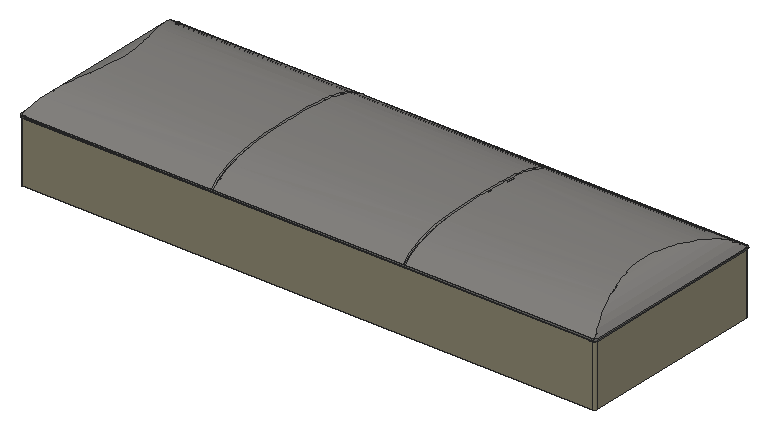
Revit family "Seating-Bench-Teknion-STLAH_Infinito-R2013", category Furniture, Revit 2014
Parameters (values of type "Three Seater")
  Width = 8' - 6"
  Welt Upholstery Finish [instance] = Fabric - Teknion - H513 - Heather Felt - Pinon Tree
  Warranty = "http://www.teknionstudio.com/pdfs/Teknion%20Studio%20Warranty.pdf"
  Unit Weight = 235.00 lbf
  URL = "http://www.teknionstudio.com"
  Two Seats Symbolic Lines = and(Width = 5' 7")  # no
  Three Seats Symbolic Lines = and(Width = 8' 6")  # yes
  Series = "Studio"
  Seat Upholstery Finish [instance] = Fabric - Teknion - H510 - Heather Felt - Noil
  Product Page URL = "http://teknionstudio.com/infinito/"
  Product Line = "Infinito"
  Product Documentation Link = "http://www.teknionstudio.com/pricing/STLAH_ppg.pdf"
  Part Number = "STLAH"
  Outer Upholstery Finish [instance] = Fabric - Teknion - H517 - Heather Felt - Mustard Seed
  Offset Two Seats = if(Width = 5' 7", 0' 5", 0' 10")  # 0' - 10"
  Offset Three Seats = if(Width = 8' 6", 0' 5", 0' 10")  # 0' - 5"
  Model = "STLAH3"
  Manufacturer Phone = "919-464-2920"
  Manufacturer Fax = "919-464-2927"
  Manufacturer Email = "customersupport@teknionstudio.com"
  Manufacturer Address = "3953 US 70 Business HWY West, Clayton, NC 27520"
  Manufacturer = "StudioTK"
  Low Emitting Material = yes
  Low Emitting Finish = yes
  Height = 1' - 4.84666"
  Description = "Infinito Bench, Three Seater"
  Depth = 2' - 10"
  Base Visibility = or(Width = 8' 6", and(Width = 5' 7"))  # yes
  Assembly Code = "E2020200"
Types (4): name | Width | Unit Weight | Two Seats Symbolic Lines | Three Seats Symbolic Lines | Offset Two Seats | Offset Three Seats | Model | Height | Description | Base Visibility
  (no name) | 8' - 6" | 235.00 lbf | no | yes | 0' - 10" | 0' - 5" | "STLAH3" | 1' - 4.84666" | "Infinito Bench, Three Seater" | yes
  Three Seater | 8' - 6" | 235.00 lbf | no | yes | 0' - 10" | 0' - 5" | "STLAH3" | 1' - 4.84666" | "Infinito Bench, Three Seater" | yes
  Two Seater | 5' - 7" | 160.00 lbf | yes | no | 0' - 5" | 0' - 10" | "STLAH2" | 1' - 1" | "Infinito Bench, Two Seater" | yes
  One Seater | 2' - 10" | 90.00 lbf | no | no | 0' - 10" | 0' - 10" | "STLAH1" | 1' - 1" | "Infinito Bench, One Seater" | no
Reference planes (in)
  plane 1 "Center F/B": y = 0
  plane 2 "Bottom": z = 0
  plane 3 "Center L/R": x = 0.64038
  plane 4 "Left": x = -50.35962
  plane 5 "Right": x = 51.64038
  plane 6 "Back": y = 17
  plane 7 "Front": y = -17
  plane 8 "Base": z = 2
  plane 9 "Masking Region": z = 16.89578
  plane 10 "Top of Base": z = 13
  plane 11 "Left Void": x = -16.35962
  plane 12 "Right Void": x = 17.64038
  plane 13: z = 18
  plane 14: z = 23
  plane 15: z = 16.84666
Forms (in)
  Sweep 1, solid, material "Paint - Teknion - Smoke"
    path origin (0, -17, 0) x (1, 0, 0) y (0, 0, 1)
      loop
        line (0.64038, 0) -> (0.64038, 2)
    profile origin (0.64038, -17, 1) x (-1, 0, 0) y (0, -1, 0)
      loop
        line (48.06, -31) -> (48.06, -3) -> (-48.06, -3) -> (-48.06, -31) -> (48.06, -31)
      loop
        line (47.31, -30.25) -> (47.31, -3.75) -> (-47.31, -3.75) -> (-47.31, -30.25) -> (47.31, -30.25)
  Sweep 2, void
    path origin (0, 0, 13.73542) x (-1, 0, 0) y (0, -1, 0)
      loop
        line (-0.64038, 17) -> (-0.64038, -17)
    profile origin (0.64038, 0, 13.73542) x (-1, 0, 0) y (0, 0, 1)
      loop
        line (52.5, -0.73515) -> (52.5, 4.26458) -> (-52.5, 4.26458) -> (-52.5, -0.73515) -> (-50.81383, -0.73515)
        arc (-50.81383, -0.73515) -> (-48.67122, 2.07395) -> (-45.30279, 3.13958) r 5.85654
        line (-45.30279, 3.13958) -> (45.30279, 3.13958)
        arc (45.30279, 3.13958) -> (48.67122, 2.07395) -> (50.81383, -0.73515) r 5.85654
        line (50.81383, -0.73515) -> (52.5, -0.73515)
  Sweep 3, solid, material "Fabric - Teknion - H517 - Heather Felt - Mustard Seed" <- "Outer Upholstery Finish"
    path origin (0, -17, 0) x (1, 0, 0) y (0, 0, 1)
      loop
        line (0.64038, 13) -> (0.64038, 2)
    profile origin (0.64038, -17, 7.5) x (0, -1, 0) y (1, 0, 0)
      loop
        arc (-34, -50.5) -> (-33.85355, -50.85355) -> (-33.5, -51) r 0.5
        line (-33.5, -51) -> (-0.5, -51)
        arc (-0.5, -51) -> (-0.14645, -50.85355) -> (0, -50.5) r 0.5
        line (0, -50.5) -> (0, 50.5)
        arc (0, 50.5) -> (-0.14645, 50.85355) -> (-0.5, 51) r 0.5
        line (-0.5, 51) -> (-33.5, 51)
        arc (-33.5, 51) -> (-33.85355, 50.85355) -> (-34, 50.5) r 0.5
        line (-34, 50.5) -> (-34, -50.5)
  Sweep 4, solid, material "Fabric - Teknion - H513 - Heather Felt - Pinon Tree" <- "Welt Upholstery Finish"
    path origin (0, 0, 13) x (-1, 0, 0) y (0, -1, 0)
      loop
        line (50.35962, -16.5) -> (50.35962, 16.5)
        arc (50.35962, 16.5) -> (50.21317, 16.85355) -> (49.85962, 17) r 0.5
        line (49.85962, 17) -> (-51.14038, 17)
        arc (-51.14038, 17) -> (-51.49394, 16.85355) -> (-51.64038, 16.5) r 0.5
        line (-51.64038, 16.5) -> (-51.64038, -16.5)
        arc (-51.64038, -16.5) -> (-51.49394, -16.85355) -> (-51.14038, -17) r 0.5
        line (-51.14038, -17) -> (49.85962, -17)
        arc (49.85962, -17) -> (50.21317, -16.85355) -> (50.35962, -16.5) r 0.5
    profile origin (-50.35962, 0, 13) x (1, 0, 0) y (0, 0, 1)
      loop
        circle (0, 0) r 0.14
  Sweep 5, solid, material "Paint - Teknion - Smoke", visible <- "Base Visibility"
    path origin (43, -17, 0) x (1, 0, 0) y (0, 0, 1)
      loop
        line (-42.35962, 0) -> (-42.35962, 2)
    profile origin (0.64038, -17, 1) x (-1, 0, 0) y (0, -1, 0)
      loop
        line (0.375, -30.25) -> (0.375, -3.75) -> (-0.375, -3.75) -> (-0.375, -30.25) -> (0.375, -30.25)
  Sweep 6, solid, material "Fabric - Teknion - H510 - Heather Felt - Noil" <- "Seat Upholstery Finish"
    path origin (0, 0, 13) x (-1, 0, 0) y (0, -1, 0)
      loop
        line (50.35962, 0) -> (-51.64038, 0)
    profile origin (0.64038, 0, 13) x (0, 1, 0) y (0, 0, 1)
      loop
        spline (17, 0) -> (14.99527, 1.49992) -> (12.53887, 2.55337) -> (9.72083, 3.23756) -> (6.63117, 3.62969) -> (3.35992, 3.80696) -> (-0.00289, 3.84658) -> (-3.36696, 3.80045) -> (-6.64085, 3.61812) -> (-9.73283, 3.22324) -> (-12.55116, 2.53949) -> (-15.00413, 1.49052) -> (-17, 0)
        line (-17, 0) -> (17, 0)
  Sweep 7, void
    path origin (0.64038, 0, 0) x (0, 1, 0) y (0, 0, 1)
      loop
        spline (-17, 13) -> (-15.00413, 14.49052) -> (-12.55116, 15.53949) -> (-9.73283, 16.22324) -> (-6.64085, 16.61812) -> (-3.36696, 16.80045) -> (-0.00289, 16.84658) -> (3.35992, 16.80696) -> (6.63117, 16.62969) -> (9.72083, 16.23756) -> (12.53887, 15.55337) -> (14.99527, 14.49992) -> (17, 13)
    profile origin (0.64038, -0.00289, 16.84658) x (0, -0.001028, 0.999999) y (1, 0, 0)
      loop
        line (0.01238, -17.30452) -> (0.01238, -16.69548)
        arc (0.01238, -16.69548) -> (-0.02256, -16.86237) -> (-0.1232, -17) r 0.40424
        arc (-0.1232, -17) -> (-0.02256, -17.13763) -> (0.01238, -17.30452) r 0.40424
      loop
        arc (0.01238, 17.30452) -> (-0.02256, 17.13763) -> (-0.1232, 17) r 0.40424
        arc (-0.1232, 17) -> (-0.02256, 16.86237) -> (0.01238, 16.69548) r 0.40424
        line (0.01238, 16.69548) -> (0.01238, 17.30452)
  Sweep 8, void
    path origin (0.64038, 0, 0) x (0, 1, 0) y (0, 0, 1)
      loop
        spline (-17, 18) -> (-15.00413, 19.49052) -> (-12.55116, 20.53949) -> (-9.73283, 21.22324) -> (-6.64085, 21.61812) -> (-3.36696, 21.80045) -> (-0.00289, 21.84658) -> (3.35992, 21.80696) -> (6.63117, 21.62969) -> (9.72083, 21.23756) -> (12.53887, 20.55337) -> (14.99527, 19.49992) -> (17, 18)
    profile origin (0.64038, -0.00289, 21.84658) x (0, -0.001028, 0.999999) y (1, 0, 0)
      loop
        line (0.00934, -0.30452) -> (0.00934, 0.30452)
        arc (0.00934, 0.30452) -> (-0.0256, 0.13763) -> (-0.12624, 0) r 0.40424
        arc (-0.12624, 0) -> (-0.0256, -0.13763) -> (0.00934, -0.30452) r 0.40424
Cuts and joins
  Sweep 2, Sweep 7, Sweep 8 cuts Sweep 6
Lines and regions (in)
  Masking region 1
    outline origin (0, 0, 16.89578) x (-1, 0, 0) y (0, -1, 0)
      loop
        line (50.35962, -17) -> (50.35962, 17) -> (-51.64038, 17) -> (-51.64038, -17) -> (50.35962, -17)
  symbolic lines, visible <- "Three Seats Symbolic Lines", detail levels medium+fine
    curve 1: line (-16.35962, 17, 13) -> (-16.35962, -17, 13)
    curve 2: line (17.64038, 17, 13) -> (17.64038, -17, 13)
  symbolic lines, visible <- "Two Seats Symbolic Lines", detail levels medium+fine
    curve 3: line (0.64038, 17, 13) -> (0.64038, -17, 13)
Dimensions and locks (in)
  "Depth": plane 7 "Front" to plane 6 "Back"
  equal spacing: plane 6 "Back", plane 1 "Center F/B", plane 7 "Front", locked at 17 each
  locked: plane 8 "Base" to plane 2 "Bottom" at 2
  locked: Sweep 1 sketch curve to plane 5 "Right" at 2.94
  plane 8 "Base" to plane 2 "Bottom" = 0' - 2"
  locked: plane 9 "Masking Region" to plane 2 "Bottom" at 16.89578
  equal spacing: plane 4 "Left", plane 3 "Center L/R", plane 5 "Right"
  "Width": plane 4 "Left" to plane 5 "Right"
  locked: plane 10 "Top of Base" to plane 2 "Bottom" at 13
  locked: plane 4 "Left" to Sweep 3 sketch curve at 0.5  (x2)
  locked: Sweep 3 sketch curve to plane 5 "Right" at 0.5  (x2)
  locked: plane 6 "Back" to Sweep 3 sketch curve at 0.5  (x2)
  locked: plane 7 "Front" to Sweep 3 sketch curve at 0.5  (x2)
  locked: plane 4 "Left" to Sweep 1 sketch curve at 2.94
  locked: plane 6 "Back" to Sweep 1 sketch curve at 3
  locked: plane 7 "Front" to Sweep 1 sketch curve at 3
  locked: plane 4 "Left" to Sweep 2 sketch curve at 1.5
  locked: Sweep 2 sketch curve to plane 5 "Right" at 1.5
  locked: Sweep 2 sketch curve to plane 9 "Masking Region" at 1.10422
  locked: Sweep 1 sketch curve to Sweep 1 sketch curve at 0.75  (x4)
  Sweep 5 sketch curve to plane 3 "Center L/R" to Sweep 5 sketch curve = 0' - 0 3/8" locked, 0' - 0 3/8" locked
  equal spacing: plane 4 "Left", plane 11 "Left Void", plane 12 "Right Void", plane 5 "Right"
  locked: plane 13 to Sweep 7 sketch curve at 5  (x2)
  Sweep 7 sketch curve to plane 12 "Right Void" to Sweep 7 sketch curve = 0' - 0.30452" locked, 0' - 0.30452" locked
  Sweep 7 sketch curve to plane 11 "Left Void" to Sweep 7 sketch curve = 0' - 0.30452" locked, 0' - 0.30452" locked
  "Offset Three Seats": plane 13 to plane 10 "Top of Base"
  locked: plane 14 to Sweep 8 sketch curve at 5  (x2)
  Sweep 8 sketch curve to plane 3 "Center L/R" to Sweep 8 sketch curve = 0' - 0.30452" locked, 0' - 0.30452" locked
  "Offset Two Seats": plane 14 to plane 10 "Top of Base"
  locked: Sweep 2 sketch curve to plane 4 "Left" at 5.69721
  locked: plane 5 "Right" to Sweep 2 sketch curve at 5.69721
  "Height": plane 15 to plane 2 "Bottom"
  Sweep 8 sketch curve to plane 1 "Center F/B" to Sweep 8 sketch curve = 1' - 5" locked, 1' - 5" locked
  aligned and locked: level to plane 2 "Bottom"
  aligned and locked: plane 3 "Center L/R" to Sweep 1 sketch curve
  aligned and locked: plane 2 "Bottom" to Sweep 1 sketch curve
  aligned and locked: plane 8 "Base" to Sweep 1 sketch curve
  aligned and locked: plane 3 "Center L/R" to Sweep 2 sketch curve
  aligned and locked: plane 6 "Back" to Sweep 2 sketch curve
  aligned and locked: plane 7 "Front" to Sweep 2 sketch curve
  aligned and locked: Sweep 3 sketch curve to plane 7 "Front"
  aligned and locked: Sweep 3 sketch curve to plane 5 "Right"
  aligned and locked: Sweep 3 sketch curve to plane 6 "Back"
  aligned and locked: plane 4 "Left" to Sweep 3 sketch curve
  aligned and locked: plane 10 "Top of Base" to Sweep 3 sketch curve
  aligned and locked: plane 4 "Left" to Sweep 4 sketch curve
  aligned and locked: plane 10 "Top of Base" to Sweep 4 sketch curve
  aligned and locked: plane 3 "Center L/R" to Sweep 5 sketch curve
  aligned and locked: plane 8 "Base" to Sweep 5 sketch curve
  aligned and locked: plane 2 "Bottom" to Sweep 5 sketch curve
  aligned and locked: Sweep 1 to Sweep 5 sketch curve  (x2)
  aligned and locked: plane 4 "Left" to Sweep 6 sketch curve
  aligned and locked: plane 1 "Center F/B" to Sweep 6 sketch curve
  aligned and locked: plane 5 "Right" to Sweep 6 sketch curve
  aligned and locked: Sweep 6 sketch curve to plane 10 "Top of Base"
  aligned and locked: plane 4 "Left" to Masking region 1 sketch curve
  aligned and locked: Masking region 1 sketch curve to plane 6 "Back"
  aligned and locked: Masking region 1 sketch curve to plane 5 "Right"
  aligned and locked: Masking region 1 sketch curve to plane 7 "Front"
  aligned and locked: plane 6 "Back" to curve 1
  aligned and locked: plane 7 "Front" to curve 1
  aligned and locked: plane 11 "Left Void" to curve 1
  aligned and locked: plane 6 "Back" to curve 2
  aligned and locked: plane 7 "Front" to curve 2
  aligned and locked: curve 2 to plane 12 "Right Void"
  aligned and locked: plane 6 "Back" to curve 3
  aligned and locked: plane 7 "Front" to curve 3
  aligned and locked: curve 3 to plane 3 "Center L/R"
  aligned and locked: Sweep 4 sketch curve to plane 6 "Back"
  aligned and locked: Sweep 4 sketch curve to plane 5 "Right"
  aligned and locked: Sweep 4 sketch curve to plane 7 "Front"
  aligned and locked: Sweep 4 sketch curve to plane 4 "Left"
Automatic sketch dimensions
  Sweep 3 sketch curve to plane 3 "Center L/R" = 0' - 0"
  Sweep 3 sketch curve to plane 8 "Base" = 0' - 0"
  Sweep 4 sketch curve to plane 6 "Back" = 0' - 0 1/2"
  Sweep 4 sketch curve to plane 5 "Right" = 0' - 0 1/2"
  plane 4 "Left" to Sweep 4 sketch curve = 0' - 0 1/2"  (x2)
  profile plane to Sweep 6 sketch curve = 1' - 5"
  Sweep 6 sketch curve to profile plane = 1' - 5"
  Sweep 7 sketch curve to plane 7 "Front" = 0' - 0"
  Sweep 7 sketch curve to plane 6 "Back" = 0' - 0"
  Sweep 7 sketch curve to profile plane = 0' - 0.01238"  (x2)
  profile plane to Sweep 7 sketch curve = 0' - 0.39185"  (x4)
  profile plane to Sweep 7 sketch curve = 0' - 0.1232"  (x2)
  Sweep 7 sketch curve to Sweep 7 sketch curve = 0' - 0.00246"  (x2)
  Sweep 8 sketch curve to profile plane = 0' - 0.00934"
  profile plane to Sweep 8 sketch curve = 0' - 0.39489"  (x2)
  Sweep 8 sketch curve to Sweep 8 sketch curve = 0' - 0.13558"
  Sweep 8 sketch curve to plane 3 "Center L/R" = 0' - 0.30205"
  Sweep 2 sketch curve to profile plane = 0' - 0.73515"  (x2)
  Sweep 2 sketch curve to Sweep 2 sketch curve = 0' - 1.68617"  (x2)
  Sweep 2 sketch curve to profile plane = 0' - 2.71696"
  radius of Sweep 4 sketch curve = 0' - 0.14"
